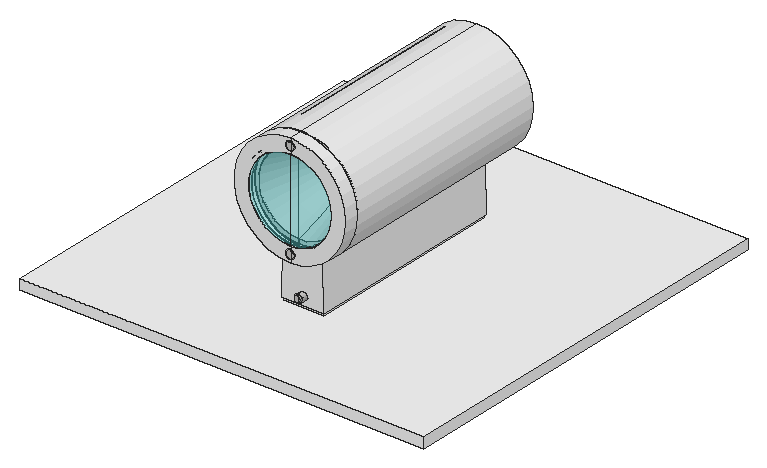
Revit family "BE_66655_de_DE", category Leuchten, Revit 2015
Parameters (values of type "BEGA_66655_Weiß_K4")
  built-in parameter 1150104 = 13.935 (stored number, unit not read)
  Wattage = 7.9 W
  Default Elevation = 0 mm
  built-in parameter 1150113 = 1 (stored number, unit not read)
  built-in parameter 1114218 = 1 (stored number, unit not read)
  Umgebungstemperatur = "25 °C"
  URL = "http://www.bega.de/produkt/66655"
  Typenkommentare = "© 2017 BEGA. Wir behalten uns das Recht vor, technische Änderungen ohne vorherige Ankündigung vorzunehmen."  # constant formula
  Type Image = 66655.png
  built-in parameter 1150134 = 12
  built-in parameter 1150109 = 1 (stored number, unit not read)
  Strom = ""
  built-in parameter 1150110 = 1 (stored number, unit not read)
  Spannung = 239.996 V
  Sonderanfertigung = no
  Seriennummer [instance] = "Hier können Sie die eindeutige Seriennummer für das Facility Management eintragen."
  Schutzklasse = "I"
  Schutzart = "IP 65"
  Scheinlast = 0 VA
  Produktdatenblatt = "http://www.bega.de/download/Xrfa/db/66655.db.de.pdf"
  Oberflächentemperatur = ""
  Neigungswinkel = 0.00°
  Modell = "66655WK4"
  Material_17 = BEGA_Reflektor
  Material_15 = BEGA_Leuchtmedium_matt
  Material_11 = BEGA_Glas_opal
  Material_09 = BEGA_Glas_klar
  Material_06 = BEGA_Oberfläche_Edelstahl_gebürstet
  Material_03 = BEGA_Oberfläche_Weiss_matt
  Material_02 = BEGA_Oberfläche_Silber_matt
  Material_01 [instance] = BEGA_Oberfläche_Grafit_matt
  M_W = yes
  M_G = no
  M_A = no
  Logo = 0
  built-in parameter 1114217 = 1 (stored number, unit not read)
  built-in parameter 1150139 = (empty or 0)
  built-in parameter 1150105 = 94.299 (stored number, unit not read)
  built-in parameter 1150114 = 1 (stored number, unit not read)
  Lumens = 1185 lm
  built-in parameter 1150115 = 1 (stored number, unit not read)
  Leuchtenlichtstrom = "813 lm"
  Leuchtenanzahl = ""
  Lebensdauerkriterien = "L70 = 50.000 h"
  Lastklassifizierung = Beleuchtung
  built-in parameter 1150112 = 1 (stored number, unit not read)
  Lampenlichtstrom = "1185 lm"
  Lampe = "LED 7.9 W"
  LED_Modulbezeichnung = "LED-0733/840 "
  built-in parameter 1150142 = (empty or 0)
  Hersteller = "BEGA"  # constant formula
  Halbstreuwinkel = ""
  Gewicht = "1.95 kg"
  Gebrauchslageneinschränkung [instance] = ""
  Frequenz = "0/50-60 Hz"
  Farbwiedergabeindex = "Ra > 80"
  Farbtemperaturverschiebung bei Dämpfen der Lampe = <Keine Auswahl>
  Farbtemperatur = "4000 K"
  Color Filter = 16777215
  built-in parameter 1150133 = 10 (stored number, unit not read)
  Energieeffizienzklasse = "LED A++ - A"
  built-in parameter 1150137 = (empty or 0)
  built-in parameter 1150132 = (empty or 0)
  ENEC = ""
  Dimmbar [instance] = "DALI"
  Datei für fotometrisches Netz = "BE_66655K4.IES"
  CE_Konformität = "ja"
  Bestellnummer = "66655WK4"
  Beschreibung_Sonderanfertigung = "Hier können Sie Informationen zur Sonderanfertigung eintragen."
  Beschreibung = "Wandleuchte"
  built-in parameter 1150106 = 0.94299 (stored number, unit not read)
  Befestigungsbohrung = "Ø 5,3 mm"
  Befestigungsabstand = "160 x 14 mm"
  Ballwurfsicher = ""
  BEGA_Intern_aus = yes
  BEGA_Intern_an = yes
  BEGA_Intern_Konstruktion = yes
  BEGA_Intern = yes
  BEGA_IES = yes
  BEGA_Dummy = no
  Anschlussleitung = ""
  Anschlussleistung [instance] = "10 W"
  Anschlusskasten = ""
  built-in parameter 1150107 = 4000 (stored number, unit not read)
  built-in parameter 1150102 = (empty or 0)
  built-in parameter 1150138 = (empty or 0)
  Aktualisierung = "2017-02-22T04:16:27"
  Abstand_zur_angestrahlten_Fläche [instance] = ""
  AC/DC = "AC/DC"
Types (6, lengths in mm): name | built-in parameter 1150104 | built-in parameter 1150134 | Modell | M_W | M_G | M_A | built-in parameter 1150105 | Lumens | Leuchtenlichtstrom | Lampenlichtstrom | LED_Modulbezeichnung | Farbtemperatur | Datei für fotometrisches Netz | Bestellnummer | built-in parameter 1150106 | built-in parameter 1150107
  BEGA_66655_Weiß_K4 | 13.935 (stored number, unit not read) | 12 | "66655WK4" | yes | no | no | 94.299 (stored number, unit not read) | 1185 lm | "813 lm" | "1185 lm" | "LED-0733/840 " | "4000 K" | "BE_66655K4.IES" | "66655WK4" | 0.94299 (stored number, unit not read) | 4000 (stored number, unit not read)
  BEGA_66655_Grafit_K4 | 13.935 (stored number, unit not read) | 12 | "66655K4" | no | yes | no | 94.299 (stored number, unit not read) | 1185 lm | "813 lm" | "1185 lm" | "LED-0733/840 " | "4000 K" | "BE_66655K4.IES" | "66655K4" | 0.94299 (stored number, unit not read) | 4000 (stored number, unit not read)
  BEGA_66655_Silber_K4 | 13.935 (stored number, unit not read) | 12 | "66655AK4" | no | no | yes | 94.299 (stored number, unit not read) | 1185 lm | "813 lm" | "1185 lm" | "LED-0733/840 " | "4000 K" | "BE_66655K4.IES" | "66655AK4" | 0.94299 (stored number, unit not read) | 4000 (stored number, unit not read)
  BEGA_66655_Silber_K3 | 13.229 (stored number, unit not read) | (empty or 0) | "66655A" | no | no | yes | 89.521 (stored number, unit not read) | 1124.96 lm | "772 lm" | "1125 lm" | "LED-0733/830 " | "3000 K" | "BE_66655.IES" | "66655A" | 0.89521 (stored number, unit not read) | 3000 (stored number, unit not read)
  BEGA_66655_Weiß_K3 | 13.229 (stored number, unit not read) | (empty or 0) | "66655W" | yes | no | no | 89.521 (stored number, unit not read) | 1124.96 lm | "772 lm" | "1125 lm" | "LED-0733/830 " | "3000 K" | "BE_66655.IES" | "66655W" | 0.89521 (stored number, unit not read) | 3000 (stored number, unit not read)
  BEGA_66655_Grafit_K3 | 13.229 (stored number, unit not read) | (empty or 0) | "66655" | no | yes | no | 89.521 (stored number, unit not read) | 1124.96 lm | "772 lm" | "1125 lm" | "LED-0733/830 " | "3000 K" | "BE_66655.IES" | "66655" | 0.89521 (stored number, unit not read) | 3000 (stored number, unit not read)
Reference planes
  plane 1 "Mitte (Vorne/Hinten)": y = 0
  plane 2: z = 0
  plane 3 "Mitte (Links/Rechts)": x = 0
  plane 4 "Links": x = -55.254
  plane 5 "Rechts": x = 55.254
  plane 6 "Unten": y = -115.5
  plane 7 "Oben": y = 115.5
  plane 8 "Vorne": z = 157.75
  plane 9 "Hinten": z = 0
Forms (mm)
  Extrusion 1, solid, material "BEGA_Platte_Weiss"
    sketch origin (0, -1119.2, 0) x (1, 0, 0) y (0, 1, 0)
      loop
        line (-200, 1319.2) -> (-200, 919.2) -> (200, 919.2) -> (200, 1319.2) -> (-200, 1319.2)
    from 0 to -10
  Extrusion 2, solid, material "BEGA_Dummy_matt", visible <- "BEGA_Dummy"
    sketch origin (80.095, -76.023, 0) x (1, 0, 0) y (0, 1, 0)
      loop
        line (-135.35, 191.523) -> (-135.35, -39.477) -> (-24.841, -39.477) -> (-24.841, 191.523) -> (-135.35, 191.523)
    from 0 to 157.75
Dimensions and locks
  plane 1 "Mitte (Vorne/Hinten)" to Extrusion 1 = 200 mm
  aligned and locked: plane 2 to Extrusion 1
  aligned and locked: level to Extrusion 1
Nested families
  nested 1: "BE_66655" at (0, 0, 0) x (0, 1, 0) z (0, 0, 1), type "BE_66655"
Connectors
  electrical at (0, 0, 0), driven by "Lastklassifizierung", driven by "Spannung", driven by "Scheinlast"
    settings: index 1, voltage 239.996 V, apparent load 0 VA, apparent load phase1 0 VA, apparent load phase2 0 VA, apparent load phase3 0 VA, power factor 1, load classification "Beleuchtung", number of poles 1, system type 31, power factor state 1, is connector primary yes, connector utility no, sub classification motor no, connector description ""
Definition of nested family "BE_66655"
  Parameters (values of type "BE_66655")
    Default Elevation = 1 mm
    URL = "http://www.bega.de/de/produkt"
    Type Comments = "© 2015 BEGA. Wir behalten uns das Recht vor, technische Änderungen ohne vorherige Ankündigung vorzunehmen. "  # constant formula
    Type Image = (empty or 0)
    Material_17 = none
    Material_15 = none
    Material_11 = none
    Material_09 = none
    Material_06 = none
    Material_03 = none
    Material_02 = none
    Material_01 = none
    M_W = yes
    M_G = yes
    M_A = yes
    Länge_Platte = 300 mm  # constant formula
    Höhe_Platte = -10 mm  # constant formula
    Manufacturer = "BEGA"  # constant formula
    Breite_Platte = 200 mm  # constant formula
  Reference planes
    plane 1 "Mitte (Oben/Unten)": y = 0
    plane 2: z = 0
    plane 3 "Mitte (Links/Rechts)": x = 0
    plane 4 "Unten": y = -55.254
    plane 5: x = -115.5
    plane 6: x = 115.5
    plane 7: z = 157.75
    plane 8: y = 55.254
  Forms (mm)
    Extrusion 1, solid, detail levels medium
      sketch origin (0, 0, 0) x (1, 0, 0) y (0, 1, 0)
        loop
          line (-150, 100) -> (-150, -100) -> (150, -100) -> (150, 100) -> (-150, 100)
      from 0 to -10 <- "Höhe_Platte"
    Extrusion 2, solid, material <- "Material_01", visible <- "M_G", detail levels medium+fine
      sketch origin (0, 0, 0) x (0, 1, 0) y (0, 0, 1)
        loop
          line (-20, 48.5) -> (-20.803, 2.5) -> (-13.08, 2.5) -> (-13.221, 47.282)
          arc (-13.221, 47.282) -> (-15.2, 48.652) -> (-17.039, 50.206) r 25
          arc (-17.039, 50.206) -> (-17.509, 50.362) -> (-17.979, 50.521) r 55
          line (-17.979, 50.521) -> (-20, 48.5)
        loop
          line (20, 48.5) -> (17.979, 50.521)
          arc (17.979, 50.521) -> (17.509, 50.362) -> (17.039, 50.206) r 55
          arc (17.039, 50.206) -> (15.2, 48.652) -> (13.221, 47.282) r 25
          line (13.221, 47.282) -> (13.08, 2.5) -> (20.803, 2.5) -> (20, 48.5)
      from -100.001 to 100.024
    Extrusion 3, solid, material <- "Material_01", visible <- "M_G", detail levels medium+fine
      sketch origin (0, 0, 0) x (0, 1, 0) y (0, 0, 1)
        loop
          line (20.803, 2.5) -> (20, 48.5) -> (17.979, 50.521)
          arc (17.979, 50.521) -> (17.509, 50.362) -> (17.039, 50.206) r 55
          arc (17.039, 50.206) -> (9.34, 45.31) -> (0.397, 43.503) r 25
          arc (0.397, 43.503) -> (-8.971, 45.165) -> (-17.039, 50.206) r 25
          arc (-17.039, 50.206) -> (-17.509, 50.362) -> (-17.979, 50.521) r 55
          line (-17.979, 50.521) -> (-20, 48.5) -> (-20.803, 2.5) -> (20.803, 2.5)
      from 93.25 to 100.024
    Extrusion 4, solid, material <- "Material_01", visible <- "M_G", detail levels medium+fine
      sketch origin (0, 0, 0) x (0, 1, 0) y (0, 0, -1)
        loop
          line (20.803, -2.5) -> (-20.803, -2.5) -> (-20, -48.5) -> (-17.979, -50.521)
          arc (-17.979, -50.521) -> (-17.509, -50.362) -> (-17.039, -50.206) r 55
          arc (-17.039, -50.206) -> (-8.971, -45.165) -> (0.397, -43.503) r 25
          arc (0.397, -43.503) -> (9.34, -45.31) -> (17.039, -50.206) r 25
          arc (17.039, -50.206) -> (17.509, -50.362) -> (17.979, -50.521) r 55
          line (17.979, -50.521) -> (20, -48.5) -> (20.803, -2.5)
      from 93.25 to 100.001
    Sweep 5, solid, material <- "Material_01", visible <- "M_G", detail levels medium+fine
      path origin (0, 0, 0) x (1, 0, 0) y (0, 1, 0)
        loop
          line (100.024, -20.803) -> (100.024, 20.803) -> (-100.001, 20.803) -> (-100.001, -20.803) -> (100.024, -20.803)
      profile origin (100.024, 0, 0) x (-1, 0, 0) y (0, 0, 1)
        loop
          line (1.112, 2.5) -> (1.024, 0) -> (7.769, 0)
          arc (7.769, 0) -> (8.117, 5.75) -> (8.45, 11.5) r 2295.912
          line (8.45, 11.5) -> (12.295, 11.5) -> (12.295, 13.5) -> (6.407, 13.5) -> (6.022, 2.5) -> (1.112, 2.5)
    Extrusion 6, solid, material <- "Material_01", visible <- "M_G", detail levels medium+fine
      sketch origin (0, 0, 0) x (1, 0, 0) y (0, 1, 0)
        loop
          line (-87.706, 8.508) -> (-87.706, -8.508) -> (87.729, -8.508) -> (87.729, 8.508) -> (-87.706, 8.508)
      from 11.5 to 13.5
    Revolve 7, solid, material <- "Material_01", visible <- "M_G", detail levels medium+fine
      sketch origin (0, 0, 0) x (1, 0, 0) y (0, 0, 1)
        loop
          line (115.5, 157.5) -> (-101, 157.5) -> (-101, 155.25) -> (-104.543, 155.25) -> (-104.543, 142.724) -> (-101, 142.724) -> (-101, 145.035) -> (-92, 145.035) -> (-82.035, 155) -> (113.5, 155) -> (113.5, 102.5) -> (115.5, 102.5) -> (115.5, 157.5)
        axis (-104.543, 102.5) -> (115.5, 102.5)
      angle from 0 to 360
    Revolve 8, solid, material <- "Material_01", visible <- "M_G", detail levels medium+fine
      sketch origin (0, 0, 0) x (1, 0, 0) y (0, 0, 1)
        loop
          line (-102.5, 157.75) -> (-115.5, 157.75) -> (-115.5, 143.5) -> (-112.937, 143.5) -> (-112.937, 147.501) -> (-104.543, 147.501) -> (-104.543, 155.75) -> (-102.5, 155.75) -> (-102.5, 157.75)
        axis (-102.5, 102.5) -> (-115.5, 102.5)
      angle from 0 to 360
    Revolve 9, solid, material <- "Material_09", detail levels medium+fine
      sketch origin (0, 0, 0) x (1, 0, 0) y (0, 0, 1)
        loop
          line (-105.5, 145.75) -> (-111.25, 145.75) -> (-111.25, 144.2)
          arc (-111.25, 144.2) -> (-111.543, 143.493) -> (-112.25, 143.2) r 1
          line (-112.25, 143.2) -> (-115.5, 143.2) -> (-115.5, 102.5) -> (-105.5, 102.5) -> (-105.5, 145.75)
        axis (-115.5, 102.5) -> (-105.5, 102.5)
      angle from 0 to 360
    Revolve 10, solid, material <- "Material_17", detail levels medium+fine
      sketch origin (0, 0, 0) x (1, 0, 0) y (0, 0, 1)
        loop
          arc (-105.25, 141.49) -> (-79.924, 133.541) -> (-55.596, 122.92) r 246.943
          arc (-55.596, 122.92) -> (-50.393, 119.996) -> (-45.484, 116.601) r 64.148
          line (-45.484, 116.601) -> (-44.906, 110) -> (-44.022, 110) -> (-44.623, 116.869)
          arc (-44.623, 116.869) -> (-49.595, 120.322) -> (-54.871, 123.292) r 64.148
          arc (-54.871, 123.292) -> (-79.017, 133.845) -> (-104.149, 141.765) r 246.943
          line (-104.149, 141.765) -> (-104.149, 145.25) -> (-105.25, 145.25) -> (-105.25, 141.49)
        axis (-44.022, 102.5) -> (-105.25, 102.5)
      angle from 0 to 360
    Revolve 11, solid, material <- "Material_15", detail levels medium+fine
      sketch origin (0, 0, 0) x (1, 0, 0) y (0, 0, 1)
        loop
          line (-41.65, 109.6) -> (-41.65, 102.5) -> (-40.358, 102.5) -> (-40.358, 109.6) -> (-41.65, 109.6)
        axis (-41.65, 102.5) -> (-40.358, 102.5)
      angle from 0 to 360
    Revolve 12, solid, material <- "Material_06", detail levels fine
      sketch origin (0, 0, 0) x (1, 0, 0) y (0, 0, 1)
        loop
          line (-98.664, 14.95) -> (-105.231, 14.95) -> (-105.231, 14) -> (-106.731, 14) -> (-106.731, 11) -> (-98.664, 11) -> (-98.664, 14.95)
        axis (-106.731, 11) -> (-98.664, 11)
      angle from 0 to 360
    Sweep 13, solid, material <- "Material_02", visible <- "M_A", detail levels medium+fine
      path origin (0, 0, 0) x (1, 0, 0) y (0, 1, 0)
        loop
          line (100.024, -20.803) -> (100.024, 20.803) -> (-100.001, 20.803) -> (-100.001, -20.803) -> (100.024, -20.803)
      profile origin (100.024, 0, 0) x (-1, 0, 0) y (0, 0, 1)
        loop
          line (1.112, 2.5) -> (1.024, 0) -> (7.769, 0)
          arc (7.769, 0) -> (8.117, 5.75) -> (8.45, 11.5) r 2295.912
          line (8.45, 11.5) -> (12.295, 11.5) -> (12.295, 13.5) -> (6.407, 13.5) -> (6.022, 2.5) -> (1.112, 2.5)
    Extrusion 14, solid, material <- "Material_02", visible <- "M_A", detail levels medium+fine
      sketch origin (0, 0, 0) x (1, 0, 0) y (0, 1, 0)
        loop
          line (-87.706, 8.508) -> (-87.706, -8.508) -> (87.729, -8.508) -> (87.729, 8.508) -> (-87.706, 8.508)
      from 11.5 to 13.5
    Sweep 15, solid, material <- "Material_03", visible <- "M_W", detail levels medium+fine
      path origin (0, 0, 0) x (1, 0, 0) y (0, 1, 0)
        loop
          line (100.024, -20.803) -> (100.024, 20.803) -> (-100.001, 20.803) -> (-100.001, -20.803) -> (100.024, -20.803)
      profile origin (100.024, 0, 0) x (-1, 0, 0) y (0, 0, 1)
        loop
          line (1.112, 2.5) -> (1.024, 0) -> (7.769, 0)
          arc (7.769, 0) -> (8.117, 5.75) -> (8.45, 11.5) r 2295.912
          line (8.45, 11.5) -> (12.295, 11.5) -> (12.295, 13.5) -> (6.407, 13.5) -> (6.022, 2.5) -> (1.112, 2.5)
    Extrusion 16, solid, material <- "Material_03", visible <- "M_W", detail levels medium+fine
      sketch origin (0, 0, 0) x (1, 0, 0) y (0, 1, 0)
        loop
          line (-87.706, 8.508) -> (-87.706, -8.508) -> (87.729, -8.508) -> (87.729, 8.508) -> (-87.706, 8.508)
      from 11.5 to 13.5
    Extrusion 17, solid, material <- "Material_02", visible <- "M_A", detail levels medium+fine
      sketch origin (0, 0, 0) x (0, 1, 0) y (0, 0, 1)
        loop
          line (-20, 48.5) -> (-20.803, 2.5) -> (-13.08, 2.5) -> (-13.221, 47.282)
          arc (-13.221, 47.282) -> (-15.2, 48.652) -> (-17.039, 50.206) r 25
          arc (-17.039, 50.206) -> (-17.509, 50.362) -> (-17.979, 50.521) r 55
          line (-17.979, 50.521) -> (-20, 48.5)
        loop
          line (20, 48.5) -> (17.979, 50.521)
          arc (17.979, 50.521) -> (17.509, 50.362) -> (17.039, 50.206) r 55
          arc (17.039, 50.206) -> (15.2, 48.652) -> (13.221, 47.282) r 25
          line (13.221, 47.282) -> (13.08, 2.5) -> (20.803, 2.5) -> (20, 48.5)
      from -100.001 to 100.024
    Extrusion 18, solid, material <- "Material_02", visible <- "M_A", detail levels medium+fine
      sketch origin (0, 0, 0) x (0, 1, 0) y (0, 0, 1)
        loop
          line (20.803, 2.5) -> (20, 48.5) -> (17.979, 50.521)
          arc (17.979, 50.521) -> (17.509, 50.362) -> (17.039, 50.206) r 55
          arc (17.039, 50.206) -> (9.34, 45.31) -> (0.397, 43.503) r 25
          arc (0.397, 43.503) -> (-8.971, 45.165) -> (-17.039, 50.206) r 25
          arc (-17.039, 50.206) -> (-17.509, 50.362) -> (-17.979, 50.521) r 55
          line (-17.979, 50.521) -> (-20, 48.5) -> (-20.803, 2.5) -> (20.803, 2.5)
      from 93.25 to 100.024
    Extrusion 19, solid, material <- "Material_02", visible <- "M_A", detail levels medium+fine
      sketch origin (0, 0, 0) x (0, 1, 0) y (0, 0, -1)
        loop
          line (20.803, -2.5) -> (-20.803, -2.5) -> (-20, -48.5) -> (-17.979, -50.521)
          arc (-17.979, -50.521) -> (-17.509, -50.362) -> (-17.039, -50.206) r 55
          arc (-17.039, -50.206) -> (-8.971, -45.165) -> (0.397, -43.503) r 25
          arc (0.397, -43.503) -> (9.34, -45.31) -> (17.039, -50.206) r 25
          arc (17.039, -50.206) -> (17.509, -50.362) -> (17.979, -50.521) r 55
          line (17.979, -50.521) -> (20, -48.5) -> (20.803, -2.5)
      from 93.25 to 100.001
    Extrusion 20, solid, material <- "Material_03", visible <- "M_W", detail levels medium+fine
      sketch origin (0, 0, 0) x (0, 1, 0) y (0, 0, 1)
        loop
          line (-20, 48.5) -> (-20.803, 2.5) -> (-13.08, 2.5) -> (-13.221, 47.282)
          arc (-13.221, 47.282) -> (-15.2, 48.652) -> (-17.039, 50.206) r 25
          arc (-17.039, 50.206) -> (-17.509, 50.362) -> (-17.979, 50.521) r 55
          line (-17.979, 50.521) -> (-20, 48.5)
        loop
          line (20, 48.5) -> (17.979, 50.521)
          arc (17.979, 50.521) -> (17.509, 50.362) -> (17.039, 50.206) r 55
          arc (17.039, 50.206) -> (15.2, 48.652) -> (13.221, 47.282) r 25
          line (13.221, 47.282) -> (13.08, 2.5) -> (20.803, 2.5) -> (20, 48.5)
      from -100.001 to 100.024
    Extrusion 21, solid, material <- "Material_03", visible <- "M_W", detail levels medium+fine
      sketch origin (0, 0, 0) x (0, 1, 0) y (0, 0, 1)
        loop
          line (20.803, 2.5) -> (20, 48.5) -> (17.979, 50.521)
          arc (17.979, 50.521) -> (17.509, 50.362) -> (17.039, 50.206) r 55
          arc (17.039, 50.206) -> (9.34, 45.31) -> (0.397, 43.503) r 25
          arc (0.397, 43.503) -> (-8.971, 45.165) -> (-17.039, 50.206) r 25
          arc (-17.039, 50.206) -> (-17.509, 50.362) -> (-17.979, 50.521) r 55
          line (-17.979, 50.521) -> (-20, 48.5) -> (-20.803, 2.5) -> (20.803, 2.5)
      from 93.25 to 100.024
    Extrusion 22, solid, material <- "Material_03", visible <- "M_W", detail levels medium+fine
      sketch origin (0, 0, 0) x (0, 1, 0) y (0, 0, -1)
        loop
          line (20.803, -2.5) -> (-20.803, -2.5) -> (-20, -48.5) -> (-17.979, -50.521)
          arc (-17.979, -50.521) -> (-17.509, -50.362) -> (-17.039, -50.206) r 55
          arc (-17.039, -50.206) -> (-8.971, -45.165) -> (0.397, -43.503) r 25
          arc (0.397, -43.503) -> (9.34, -45.31) -> (17.039, -50.206) r 25
          arc (17.039, -50.206) -> (17.509, -50.362) -> (17.979, -50.521) r 55
          line (17.979, -50.521) -> (20, -48.5) -> (20.803, -2.5)
      from 93.25 to 100.001
    Revolve 23, solid, material <- "Material_02", visible <- "M_A", detail levels medium+fine
      sketch origin (0, 0, 0) x (1, 0, 0) y (0, 0, 1)
        loop
          line (115.5, 157.5) -> (-101, 157.5) -> (-101, 155.25) -> (-104.543, 155.25) -> (-104.543, 142.724) -> (-101, 142.724) -> (-101, 145.035) -> (-92, 145.035) -> (-82.035, 155) -> (113.5, 155) -> (113.5, 102.5) -> (115.5, 102.5) -> (115.5, 157.5)
        axis (-104.543, 102.5) -> (115.5, 102.5)
      angle from 0 to 360
    Revolve 24, solid, material <- "Material_02", visible <- "M_A", detail levels medium+fine
      sketch origin (0, 0, 0) x (1, 0, 0) y (0, 0, 1)
        loop
          line (-102.5, 157.75) -> (-115.5, 157.75) -> (-115.5, 143.5) -> (-112.937, 143.5) -> (-112.937, 147.501) -> (-104.543, 147.501) -> (-104.543, 155.75) -> (-102.5, 155.75) -> (-102.5, 157.75)
        axis (-102.5, 102.5) -> (-115.5, 102.5)
      angle from 0 to 360
    Revolve 25, solid, material <- "Material_03", visible <- "M_W", detail levels medium+fine
      sketch origin (0, 0, 0) x (1, 0, 0) y (0, 0, 1)
        loop
          line (115.5, 157.5) -> (-101, 157.5) -> (-101, 155.25) -> (-104.543, 155.25) -> (-104.543, 142.724) -> (-101, 142.724) -> (-101, 145.035) -> (-92, 145.035) -> (-82.035, 155) -> (113.5, 155) -> (113.5, 102.5) -> (115.5, 102.5) -> (115.5, 157.5)
        axis (-104.543, 102.5) -> (115.5, 102.5)
      angle from 0 to 360
    Revolve 26, solid, material <- "Material_03", visible <- "M_W", detail levels medium+fine
      sketch origin (0, 0, 0) x (1, 0, 0) y (0, 0, 1)
        loop
          line (-102.5, 157.75) -> (-115.5, 157.75) -> (-115.5, 143.5) -> (-112.937, 143.5) -> (-112.937, 147.501) -> (-104.543, 147.501) -> (-104.543, 155.75) -> (-102.5, 155.75) -> (-102.5, 157.75)
        axis (-102.5, 102.5) -> (-115.5, 102.5)
      angle from 0 to 360
    Revolve 27, void
      sketch origin (0, 0, 0) x (1, 0, 0) y (0, 0, 1)
        loop
          line (-113.129, 152.704) -> (-115.728, 155.303) -> (-115.728, 150.5) -> (-113.129, 150.5) -> (-113.129, 152.704)
        axis (-115.728, 150.5) -> (-113.129, 150.5)
      angle from 0 to 360
    Revolve 28, void
      sketch origin (0, 0, 205) x (1, 0, 0) y (0, 0, -1)
        loop
          line (-113.129, 152.704) -> (-115.728, 155.303) -> (-115.728, 150.5) -> (-113.129, 150.5) -> (-113.129, 152.704)
        axis (-115.728, 150.5) -> (-113.129, 150.5)
      angle from 0 to 360
    Revolve 29, solid, material <- "Material_06", detail levels fine
      sketch origin (0, 0, 0) x (1, 0, 0) y (0, 0, 1)
        loop
          line (-115.5, 154.505) -> (-115.5, 150.5) -> (-114.643, 150.5) -> (-114.643, 154.505) -> (-115.5, 154.505)
        axis (-115.5, 150.5) -> (-114.5, 150.5)
      angle from 0 to 360
    Revolve 30, solid, material <- "Material_06", detail levels fine
      sketch origin (0, 0, 205) x (1, 0, 0) y (0, 0, -1)
        loop
          line (-115.5, 154.505) -> (-115.5, 150.5) -> (-114.643, 150.5) -> (-114.643, 154.505) -> (-115.5, 154.505)
        axis (-115.5, 150.5) -> (-114.5, 150.5)
      angle from 0 to 360
    Extrusion 31, void
      sketch origin (0, 0, 0) x (1, 0, 0) y (0, 1, 0)
        loop
          circle (-80, 7) r 2.65
        loop
          circle (80, -7) r 2.65
        loop
          circle (24, 0) r 8.5
        loop
          circle (57, 0) r 8.5
      from 0 to 17
  Cuts and joins
    joined: Extrusion 2, Extrusion 3, Extrusion 4
    Extrusion 31 cuts Sweep 5
    Extrusion 31 cuts Extrusion 6
    joined: Sweep 5, Extrusion 6
    Extrusion 31 cuts Sweep 13
    Extrusion 31 cuts Extrusion 14
    joined: Sweep 13, Extrusion 14
    Extrusion 31 cuts Sweep 15
    Extrusion 31 cuts Extrusion 16
    joined: Sweep 15, Extrusion 16
    joined: Extrusion 17, Extrusion 18, Extrusion 19
    joined: Extrusion 20, Extrusion 21, Extrusion 22
    Revolve 27, Revolve 28 cuts Revolve 8
    Revolve 27, Revolve 28 cuts Revolve 24
    Revolve 27, Revolve 28 cuts Revolve 26
    Extrusion 31 cuts Revolve 7
    Extrusion 31 cuts Revolve 10
    Extrusion 31 cuts Revolve 23
    Extrusion 31 cuts Revolve 25
  Dimensions and locks
    equal spacing: Extrusion 1 sketch curve, plane 3 "Mitte (Links/Rechts)", Extrusion 1 sketch curve
    equal spacing: Extrusion 1 sketch curve, plane 1 "Mitte (Oben/Unten)", Extrusion 1 sketch curve
    "Länge_Platte": Extrusion 1 sketch curve to Extrusion 1 sketch curve
    "Breite_Platte": Extrusion 1 sketch curve to Extrusion 1 sketch curve
    aligned and locked: Extrusion 1 to plane 2
    aligned and locked: level to Extrusion 1
  Automatic sketch dimensions
    Extrusion 2 sketch curve to Extrusion 2 sketch curve = 0 mm  (x5)
    Extrusion 2 sketch curve to plane 1 "Mitte (Oben/Unten)" = 0 mm  (x2)
    level to Extrusion 2 sketch curve = 2.5 mm  (x2)
    plane 1 "Mitte (Oben/Unten)" to Extrusion 2 sketch curve = 13.08 mm
    plane 1 "Mitte (Oben/Unten)" to Extrusion 2 sketch curve = 13.221 mm
    Extrusion 2 sketch curve to Extrusion 2 sketch curve = 4.758 mm  (x2)
    Extrusion 2 sketch curve to Extrusion 2 sketch curve = 2.021 mm  (x4)
    Extrusion 2 sketch curve to Extrusion 2 sketch curve = 7.723 mm  (x2)
    Extrusion 2 sketch curve to plane 1 "Mitte (Oben/Unten)" = 13.08 mm
    Extrusion 2 sketch curve to plane 1 "Mitte (Oben/Unten)" = 13.221 mm
    Extrusion 2 sketch curve to Extrusion 2 sketch curve = 44.782 mm
    Extrusion 2 sketch curve to Extrusion 2 sketch curve = 1.218 mm  (x2)
    Extrusion 2 sketch curve to Extrusion 2 sketch curve = 21.218 mm
    Extrusion 2 sketch curve to Extrusion 2 sketch curve = 34 mm
    Extrusion 3 sketch curve to Extrusion 3 sketch curve = 0 mm  (x5)
    Extrusion 3 sketch curve to plane 1 "Mitte (Oben/Unten)" = 0 mm  (x2)
    plane 1 "Mitte (Oben/Unten)" to Extrusion 3 sketch curve = 17.979 mm
    Extrusion 3 sketch curve to Extrusion 3 sketch curve = 2.021 mm  (x4)
    level to Extrusion 3 sketch curve = 2.5 mm
    plane 1 "Mitte (Oben/Unten)" to Extrusion 3 sketch curve = 20.803 mm
    Extrusion 3 sketch curve to plane 1 "Mitte (Oben/Unten)" = 17.979 mm
    Extrusion 3 sketch curve to plane 1 "Mitte (Oben/Unten)" = 20.803 mm
    Extrusion 3 sketch curve to Extrusion 3 sketch curve = 46 mm
    Extrusion 3 sketch curve to Extrusion 3 sketch curve = 17.979 mm
    Extrusion 3 sketch curve to Extrusion 3 sketch curve = 34 mm
    Extrusion 3 sketch curve to Extrusion 3 sketch curve = 0.94 mm
    Extrusion 3 sketch curve to plane 1 "Mitte (Oben/Unten)" = 0.397 mm
    Extrusion 4 sketch curve to Extrusion 4 sketch curve = 0 mm  (x5)
    Extrusion 4 sketch curve to plane 1 "Mitte (Oben/Unten)" = 0 mm  (x2)
    plane 1 "Mitte (Oben/Unten)" to Extrusion 4 sketch curve = 17.979 mm
    Extrusion 4 sketch curve to Extrusion 4 sketch curve = 2.021 mm  (x4)
    level to Extrusion 4 sketch curve = 2.5 mm
    plane 1 "Mitte (Oben/Unten)" to Extrusion 4 sketch curve = 20.803 mm
    Extrusion 4 sketch curve to plane 1 "Mitte (Oben/Unten)" = 17.979 mm
    Extrusion 4 sketch curve to plane 1 "Mitte (Oben/Unten)" = 20.803 mm
    Extrusion 4 sketch curve to Extrusion 4 sketch curve = 46 mm
    Extrusion 4 sketch curve to Extrusion 4 sketch curve = 17.979 mm
    Extrusion 4 sketch curve to Extrusion 4 sketch curve = 34 mm
    Extrusion 4 sketch curve to Extrusion 4 sketch curve = 0.94 mm
    Extrusion 4 sketch curve to plane 1 "Mitte (Oben/Unten)" = 0.397 mm
    Sweep 5 sketch curve to plane 1 "Mitte (Oben/Unten)" = 20.803 mm
    plane 1 "Mitte (Oben/Unten)" to Sweep 5 sketch curve = 20.803 mm
    Sweep 5 sketch curve to level = 0 mm
    level to Sweep 5 sketch curve = 141.39 mm
    profile plane to Sweep 5 sketch curve = 2283.785 mm
    Sweep 5 sketch curve to profile plane = 1.024 mm
    Sweep 5 sketch curve to profile plane = 1.112 mm
    level to Sweep 5 sketch curve = 2.5 mm
    Sweep 5 sketch curve to Sweep 5 sketch curve = 4.911 mm
    Sweep 5 sketch curve to profile plane = 6.407 mm
    Sweep 5 sketch curve to Sweep 5 sketch curve = 1.747 mm
    Sweep 5 sketch curve to Sweep 5 sketch curve = 2.043 mm
    Sweep 5 sketch curve to Sweep 5 sketch curve = 3.845 mm
    Sweep 5 sketch curve to Sweep 5 sketch curve = 2 mm
    plane 1 "Mitte (Oben/Unten)" to Extrusion 6 sketch curve = 8.508 mm
    Extrusion 6 sketch curve to plane 3 "Mitte (Links/Rechts)" = 87.706 mm
    plane 3 "Mitte (Links/Rechts)" to Extrusion 6 sketch curve = 87.729 mm
    Extrusion 6 sketch curve to plane 1 "Mitte (Oben/Unten)" = 8.508 mm
    Revolve 7 sketch curve to plane 3 "Mitte (Links/Rechts)" = 0 mm
    Revolve 7 sketch curve to plane 3 "Mitte (Links/Rechts)" = 82.035 mm
    Revolve 7 sketch curve to Revolve 7 sketch curve = 9.965 mm  (x2)
    Revolve 7 sketch curve to Revolve 7 sketch curve = 9 mm  (x2)
    Revolve 7 sketch curve to Revolve 7 sketch curve = 3.543 mm
    Revolve 7 sketch curve to Revolve 7 sketch curve = 2 mm
    Revolve 7 sketch curve to Revolve 7 sketch curve = 2.311 mm
    Revolve 7 sketch curve to Revolve 7 sketch curve = 10.215 mm
    Revolve 7 sketch curve to Revolve 7 sketch curve = 2.5 mm
    plane 3 "Mitte (Links/Rechts)" to Revolve 7 sketch curve = 30 mm
    Revolve 7 sketch curve to Revolve 7 sketch curve = 52.5 mm
    Revolve 8 sketch curve to Revolve 8 sketch curve = 2.563 mm
    Revolve 8 sketch curve to Revolve 8 sketch curve = 10.957 mm
    Revolve 8 sketch curve to Revolve 8 sketch curve = 2.043 mm
    Revolve 8 sketch curve to Revolve 8 sketch curve = 4.001 mm
    Revolve 8 sketch curve to Revolve 8 sketch curve = 8.249 mm
    Revolve 8 sketch curve to Revolve 8 sketch curve = 10.249 mm
    Revolve 8 sketch curve to Revolve 8 sketch curve = 1.576 mm
    Revolve 8 sketch curve to Revolve 8 sketch curve = 22.907 mm
    Revolve 8 sketch curve to Revolve 8 sketch curve = 41 mm
    Revolve 9 sketch curve to Revolve 9 sketch curve = 3.25 mm
    Revolve 9 sketch curve to Revolve 9 sketch curve = 1 mm
    Revolve 9 sketch curve to Revolve 9 sketch curve = 10 mm
    Revolve 9 sketch curve to Revolve 9 sketch curve = 40.7 mm
    Revolve 9 sketch curve to Revolve 9 sketch curve = 1.55 mm
    Revolve 9 sketch curve to Revolve 9 sketch curve = 0 mm  (x3)
    Revolve 10 sketch curve to Revolve 10 sketch curve = 0.725 mm  (x2)
    Revolve 10 sketch curve to Revolve 10 sketch curve = 1.101 mm
    Revolve 10 sketch curve to Revolve 10 sketch curve = 19.763 mm
    Revolve 10 sketch curve to plane 3 "Mitte (Links/Rechts)" = 45.484 mm
    Revolve 10 sketch curve to Revolve 10 sketch curve = 0.577 mm
    Revolve 10 sketch curve to Revolve 10 sketch curve = 0.861 mm
    Revolve 10 sketch curve to Revolve 10 sketch curve = 0.884 mm
    Revolve 10 sketch curve to Revolve 10 sketch curve = 0.371 mm  (x2)
    level to Revolve 10 sketch curve = 65.596 mm
    Revolve 10 sketch curve to Revolve 10 sketch curve = 44.033 mm
    Revolve 10 sketch curve to Revolve 10 sketch curve = 6.601 mm
    Revolve 10 sketch curve to Revolve 10 sketch curve = 0.268 mm
    Revolve 10 sketch curve to Revolve 10 sketch curve = 18.57 mm
    Revolve 10 sketch curve to Revolve 10 sketch curve = 0.275 mm
    Revolve 10 sketch curve to Revolve 10 sketch curve = 3.485 mm
    Revolve 10 sketch curve to Revolve 10 sketch curve = 13.637 mm
    Revolve 10 sketch curve to Revolve 10 sketch curve = 1.812 mm
    Revolve 10 sketch curve to Revolve 10 sketch curve = 38.99 mm
    Revolve 11 sketch curve to plane 3 "Mitte (Links/Rechts)" = 41.65 mm
    Revolve 11 sketch curve to Revolve 11 sketch curve = 1.292 mm
    Revolve 11 sketch curve to Revolve 11 sketch curve = 7.1 mm
    Revolve 11 sketch curve to Revolve 11 sketch curve = 0 mm  (x2)
    Revolve 11 sketch curve to Revolve 11 sketch curve = 0.882 mm
    level to Revolve 12 sketch curve = 14 mm
    Revolve 12 sketch curve to Revolve 12 sketch curve = 1.5 mm
    Revolve 12 sketch curve to Revolve 12 sketch curve = 6.567 mm
    Revolve 12 sketch curve to Revolve 12 sketch curve = 3 mm
    Revolve 12 sketch curve to Revolve 12 sketch curve = 0.95 mm
    Revolve 12 sketch curve to Revolve 12 sketch curve = 0 mm  (x3)
    Sweep 13 sketch curve to plane 1 "Mitte (Oben/Unten)" = 20.803 mm
    plane 1 "Mitte (Oben/Unten)" to Sweep 13 sketch curve = 20.803 mm
    Sweep 13 sketch curve to level = 0 mm
    level to Sweep 13 sketch curve = 141.39 mm
    profile plane to Sweep 13 sketch curve = 2283.785 mm
    Sweep 13 sketch curve to profile plane = 1.024 mm
    Sweep 13 sketch curve to profile plane = 1.112 mm
    level to Sweep 13 sketch curve = 2.5 mm
    Sweep 13 sketch curve to Sweep 13 sketch curve = 4.911 mm
    Sweep 13 sketch curve to profile plane = 6.407 mm
    Sweep 13 sketch curve to Sweep 13 sketch curve = 1.747 mm
    Sweep 13 sketch curve to Sweep 13 sketch curve = 2.043 mm
    Sweep 13 sketch curve to Sweep 13 sketch curve = 3.845 mm
    Sweep 13 sketch curve to Sweep 13 sketch curve = 2 mm
    plane 1 "Mitte (Oben/Unten)" to Extrusion 14 sketch curve = 8.508 mm
    Extrusion 14 sketch curve to plane 3 "Mitte (Links/Rechts)" = 87.706 mm
    plane 3 "Mitte (Links/Rechts)" to Extrusion 14 sketch curve = 87.729 mm
    Extrusion 14 sketch curve to plane 1 "Mitte (Oben/Unten)" = 8.508 mm
    Sweep 15 sketch curve to plane 1 "Mitte (Oben/Unten)" = 20.803 mm
    plane 1 "Mitte (Oben/Unten)" to Sweep 15 sketch curve = 20.803 mm
    Sweep 15 sketch curve to level = 0 mm
    level to Sweep 15 sketch curve = 141.39 mm
    profile plane to Sweep 15 sketch curve = 2283.785 mm
    Sweep 15 sketch curve to profile plane = 1.024 mm
    Sweep 15 sketch curve to profile plane = 1.112 mm
    level to Sweep 15 sketch curve = 2.5 mm
    Sweep 15 sketch curve to Sweep 15 sketch curve = 4.911 mm
    Sweep 15 sketch curve to profile plane = 6.407 mm
    Sweep 15 sketch curve to Sweep 15 sketch curve = 1.747 mm
    Sweep 15 sketch curve to Sweep 15 sketch curve = 2.043 mm
    Sweep 15 sketch curve to Sweep 15 sketch curve = 3.845 mm
    Sweep 15 sketch curve to Sweep 15 sketch curve = 2 mm
    plane 1 "Mitte (Oben/Unten)" to Extrusion 16 sketch curve = 8.508 mm
    Extrusion 16 sketch curve to plane 3 "Mitte (Links/Rechts)" = 87.706 mm
    plane 3 "Mitte (Links/Rechts)" to Extrusion 16 sketch curve = 87.729 mm
    Extrusion 16 sketch curve to plane 1 "Mitte (Oben/Unten)" = 8.508 mm
    Extrusion 17 sketch curve to Extrusion 17 sketch curve = 0 mm  (x5)
    Extrusion 17 sketch curve to plane 1 "Mitte (Oben/Unten)" = 0 mm  (x2)
    level to Extrusion 17 sketch curve = 2.5 mm  (x2)
    plane 1 "Mitte (Oben/Unten)" to Extrusion 17 sketch curve = 13.08 mm
    plane 1 "Mitte (Oben/Unten)" to Extrusion 17 sketch curve = 13.221 mm
    Extrusion 17 sketch curve to Extrusion 17 sketch curve = 4.758 mm  (x2)
    Extrusion 17 sketch curve to Extrusion 17 sketch curve = 2.021 mm  (x4)
    Extrusion 17 sketch curve to Extrusion 17 sketch curve = 7.723 mm  (x2)
    Extrusion 17 sketch curve to plane 1 "Mitte (Oben/Unten)" = 13.08 mm
    Extrusion 17 sketch curve to plane 1 "Mitte (Oben/Unten)" = 13.221 mm
    Extrusion 17 sketch curve to Extrusion 17 sketch curve = 44.782 mm
    Extrusion 17 sketch curve to Extrusion 17 sketch curve = 1.218 mm  (x2)
    Extrusion 17 sketch curve to Extrusion 17 sketch curve = 21.218 mm
    Extrusion 17 sketch curve to Extrusion 17 sketch curve = 34 mm
    Extrusion 18 sketch curve to Extrusion 18 sketch curve = 0 mm  (x5)
    Extrusion 18 sketch curve to plane 1 "Mitte (Oben/Unten)" = 0 mm  (x2)
    plane 1 "Mitte (Oben/Unten)" to Extrusion 18 sketch curve = 17.979 mm
    Extrusion 18 sketch curve to Extrusion 18 sketch curve = 2.021 mm  (x4)
    level to Extrusion 18 sketch curve = 2.5 mm
    plane 1 "Mitte (Oben/Unten)" to Extrusion 18 sketch curve = 20.803 mm
    Extrusion 18 sketch curve to plane 1 "Mitte (Oben/Unten)" = 17.979 mm
    Extrusion 18 sketch curve to plane 1 "Mitte (Oben/Unten)" = 20.803 mm
    Extrusion 18 sketch curve to Extrusion 18 sketch curve = 46 mm
    Extrusion 18 sketch curve to Extrusion 18 sketch curve = 17.979 mm
    Extrusion 18 sketch curve to Extrusion 18 sketch curve = 34 mm
    Extrusion 18 sketch curve to Extrusion 18 sketch curve = 0.94 mm
    Extrusion 18 sketch curve to plane 1 "Mitte (Oben/Unten)" = 0.397 mm
    Extrusion 19 sketch curve to Extrusion 19 sketch curve = 0 mm  (x5)
    Extrusion 19 sketch curve to plane 1 "Mitte (Oben/Unten)" = 0 mm  (x2)
    plane 1 "Mitte (Oben/Unten)" to Extrusion 19 sketch curve = 17.979 mm
    Extrusion 19 sketch curve to Extrusion 19 sketch curve = 2.021 mm  (x4)
    level to Extrusion 19 sketch curve = 2.5 mm
    plane 1 "Mitte (Oben/Unten)" to Extrusion 19 sketch curve = 20.803 mm
    Extrusion 19 sketch curve to plane 1 "Mitte (Oben/Unten)" = 17.979 mm
    Extrusion 19 sketch curve to plane 1 "Mitte (Oben/Unten)" = 20.803 mm
    Extrusion 19 sketch curve to Extrusion 19 sketch curve = 46 mm
    Extrusion 19 sketch curve to Extrusion 19 sketch curve = 17.979 mm
    Extrusion 19 sketch curve to Extrusion 19 sketch curve = 34 mm
    Extrusion 19 sketch curve to Extrusion 19 sketch curve = 0.94 mm
    Extrusion 19 sketch curve to plane 1 "Mitte (Oben/Unten)" = 0.397 mm
    Extrusion 20 sketch curve to Extrusion 20 sketch curve = 0 mm  (x5)
    Extrusion 20 sketch curve to plane 1 "Mitte (Oben/Unten)" = 0 mm  (x2)
    level to Extrusion 20 sketch curve = 2.5 mm  (x2)
    plane 1 "Mitte (Oben/Unten)" to Extrusion 20 sketch curve = 13.08 mm
    plane 1 "Mitte (Oben/Unten)" to Extrusion 20 sketch curve = 13.221 mm
    Extrusion 20 sketch curve to Extrusion 20 sketch curve = 4.758 mm  (x2)
    Extrusion 20 sketch curve to Extrusion 20 sketch curve = 2.021 mm  (x4)
    Extrusion 20 sketch curve to Extrusion 20 sketch curve = 7.723 mm  (x2)
    Extrusion 20 sketch curve to plane 1 "Mitte (Oben/Unten)" = 13.08 mm
    Extrusion 20 sketch curve to plane 1 "Mitte (Oben/Unten)" = 13.221 mm
    Extrusion 20 sketch curve to Extrusion 20 sketch curve = 44.782 mm
    Extrusion 20 sketch curve to Extrusion 20 sketch curve = 1.218 mm  (x2)
    Extrusion 20 sketch curve to Extrusion 20 sketch curve = 21.218 mm
    Extrusion 20 sketch curve to Extrusion 20 sketch curve = 34 mm
    Extrusion 21 sketch curve to Extrusion 21 sketch curve = 0 mm  (x5)
    Extrusion 21 sketch curve to plane 1 "Mitte (Oben/Unten)" = 0 mm  (x2)
    plane 1 "Mitte (Oben/Unten)" to Extrusion 21 sketch curve = 17.979 mm
    Extrusion 21 sketch curve to Extrusion 21 sketch curve = 2.021 mm  (x4)
    level to Extrusion 21 sketch curve = 2.5 mm
    plane 1 "Mitte (Oben/Unten)" to Extrusion 21 sketch curve = 20.803 mm
    Extrusion 21 sketch curve to plane 1 "Mitte (Oben/Unten)" = 17.979 mm
    Extrusion 21 sketch curve to plane 1 "Mitte (Oben/Unten)" = 20.803 mm
    Extrusion 21 sketch curve to Extrusion 21 sketch curve = 46 mm
    Extrusion 21 sketch curve to Extrusion 21 sketch curve = 17.979 mm
    Extrusion 21 sketch curve to Extrusion 21 sketch curve = 34 mm
    Extrusion 21 sketch curve to Extrusion 21 sketch curve = 0.94 mm
    Extrusion 21 sketch curve to plane 1 "Mitte (Oben/Unten)" = 0.397 mm
    Extrusion 22 sketch curve to Extrusion 22 sketch curve = 0 mm  (x5)
    Extrusion 22 sketch curve to plane 1 "Mitte (Oben/Unten)" = 0 mm  (x2)
    plane 1 "Mitte (Oben/Unten)" to Extrusion 22 sketch curve = 17.979 mm
    Extrusion 22 sketch curve to Extrusion 22 sketch curve = 2.021 mm  (x4)
    level to Extrusion 22 sketch curve = 2.5 mm
    plane 1 "Mitte (Oben/Unten)" to Extrusion 22 sketch curve = 20.803 mm
    Extrusion 22 sketch curve to plane 1 "Mitte (Oben/Unten)" = 17.979 mm
    Extrusion 22 sketch curve to plane 1 "Mitte (Oben/Unten)" = 20.803 mm
    Extrusion 22 sketch curve to Extrusion 22 sketch curve = 46 mm
    Extrusion 22 sketch curve to Extrusion 22 sketch curve = 17.979 mm
    Extrusion 22 sketch curve to Extrusion 22 sketch curve = 34 mm
    Extrusion 22 sketch curve to Extrusion 22 sketch curve = 0.94 mm
    Extrusion 22 sketch curve to plane 1 "Mitte (Oben/Unten)" = 0.397 mm
    Revolve 23 sketch curve to plane 3 "Mitte (Links/Rechts)" = 0 mm
    Revolve 23 sketch curve to plane 3 "Mitte (Links/Rechts)" = 82.035 mm
    Revolve 23 sketch curve to Revolve 23 sketch curve = 9.965 mm  (x2)
    Revolve 23 sketch curve to Revolve 23 sketch curve = 9 mm  (x2)
    Revolve 23 sketch curve to Revolve 23 sketch curve = 3.543 mm
    Revolve 23 sketch curve to Revolve 23 sketch curve = 2 mm
    Revolve 23 sketch curve to Revolve 23 sketch curve = 2.311 mm
    Revolve 23 sketch curve to Revolve 23 sketch curve = 10.215 mm
    Revolve 23 sketch curve to Revolve 23 sketch curve = 2.5 mm
    plane 3 "Mitte (Links/Rechts)" to Revolve 23 sketch curve = 30 mm
    Revolve 23 sketch curve to Revolve 23 sketch curve = 52.5 mm
    Revolve 24 sketch curve to Revolve 24 sketch curve = 2.563 mm
    Revolve 24 sketch curve to Revolve 24 sketch curve = 10.957 mm
    Revolve 24 sketch curve to Revolve 24 sketch curve = 2.043 mm
    Revolve 24 sketch curve to Revolve 24 sketch curve = 4.001 mm
    Revolve 24 sketch curve to Revolve 24 sketch curve = 8.249 mm
    Revolve 24 sketch curve to Revolve 24 sketch curve = 10.249 mm
    Revolve 24 sketch curve to Revolve 24 sketch curve = 1.576 mm
    Revolve 24 sketch curve to Revolve 24 sketch curve = 22.907 mm
    Revolve 24 sketch curve to Revolve 24 sketch curve = 41 mm
    Revolve 25 sketch curve to plane 3 "Mitte (Links/Rechts)" = 0 mm
    Revolve 25 sketch curve to plane 3 "Mitte (Links/Rechts)" = 82.035 mm
    Revolve 25 sketch curve to Revolve 25 sketch curve = 9.965 mm  (x2)
    Revolve 25 sketch curve to Revolve 25 sketch curve = 9 mm  (x2)
    Revolve 25 sketch curve to Revolve 25 sketch curve = 3.543 mm
    Revolve 25 sketch curve to Revolve 25 sketch curve = 2 mm
    Revolve 25 sketch curve to Revolve 25 sketch curve = 2.311 mm
    Revolve 25 sketch curve to Revolve 25 sketch curve = 10.215 mm
    Revolve 25 sketch curve to Revolve 25 sketch curve = 2.5 mm
    plane 3 "Mitte (Links/Rechts)" to Revolve 25 sketch curve = 30 mm
    Revolve 25 sketch curve to Revolve 25 sketch curve = 52.5 mm
    Revolve 26 sketch curve to Revolve 26 sketch curve = 2.563 mm
    Revolve 26 sketch curve to Revolve 26 sketch curve = 10.957 mm
    Revolve 26 sketch curve to Revolve 26 sketch curve = 2.043 mm
    Revolve 26 sketch curve to Revolve 26 sketch curve = 4.001 mm
    Revolve 26 sketch curve to Revolve 26 sketch curve = 8.249 mm
    Revolve 26 sketch curve to Revolve 26 sketch curve = 10.249 mm
    Revolve 26 sketch curve to Revolve 26 sketch curve = 1.576 mm
    Revolve 26 sketch curve to Revolve 26 sketch curve = 22.907 mm
    Revolve 26 sketch curve to Revolve 26 sketch curve = 41 mm
    Revolve 27 sketch curve to Revolve 27 sketch curve = 2.599 mm  (x2)
    Revolve 27 sketch curve to Revolve 27 sketch curve = 2.204 mm
    Revolve 27 sketch curve to Revolve 27 sketch curve = 0 mm  (x3)
    Revolve 28 sketch curve to Revolve 28 sketch curve = 2.599 mm  (x2)
    Revolve 28 sketch curve to level = 54.5 mm
    Revolve 28 sketch curve to Revolve 28 sketch curve = 2.204 mm
    Revolve 28 sketch curve to Revolve 28 sketch curve = 0 mm  (x3)
    Revolve 29 sketch curve to Revolve 29 sketch curve = 0.857 mm
    Revolve 29 sketch curve to Revolve 29 sketch curve = 4.005 mm
    Revolve 29 sketch curve to Revolve 29 sketch curve = 0.327 mm
    Revolve 29 sketch curve to Revolve 29 sketch curve = 1.064 mm
    Revolve 29 sketch curve to Revolve 29 sketch curve = 0 mm
    Revolve 30 sketch curve to Revolve 30 sketch curve = 0.857 mm
    Revolve 30 sketch curve to level = 54.5 mm
    Revolve 30 sketch curve to Revolve 30 sketch curve = 4.005 mm
    Revolve 30 sketch curve to Revolve 30 sketch curve = 0.327 mm
    Revolve 30 sketch curve to Revolve 30 sketch curve = 1.064 mm
    Revolve 30 sketch curve to Revolve 30 sketch curve = 0 mm
    plane 1 "Mitte (Oben/Unten)" to Extrusion 31 sketch curve = 0 mm  (x2)
    Extrusion 31 sketch curve to plane 1 "Mitte (Oben/Unten)" = 7 mm
    Extrusion 31 sketch curve to plane 3 "Mitte (Links/Rechts)" = 80 mm
    plane 3 "Mitte (Links/Rechts)" to Extrusion 31 sketch curve = 24 mm
    Extrusion 31 sketch curve to Extrusion 31 sketch curve = 33 mm
    plane 1 "Mitte (Oben/Unten)" to Extrusion 31 sketch curve = 7 mm
    Extrusion 31 sketch curve to Extrusion 31 sketch curve = 23 mm
    Sweep 5 sketch curve to plane 3 "Mitte (Links/Rechts)" = 100.001 mm
    Revolve 8 sketch curve to plane 3 "Mitte (Links/Rechts)" = 115.5 mm
    Revolve 9 sketch curve to plane 3 "Mitte (Links/Rechts)" = 115.5 mm
    Revolve 10 sketch curve to Revolve 10 sketch curve = 41.451 mm
    Revolve 10 sketch curve to plane 3 "Mitte (Links/Rechts)" = 165.699 mm
    Revolve 12 sketch curve to plane 3 "Mitte (Links/Rechts)" = 106.731 mm
    Sweep 13 sketch curve to plane 3 "Mitte (Links/Rechts)" = 100.001 mm
    Sweep 15 sketch curve to plane 3 "Mitte (Links/Rechts)" = 100.001 mm
    Revolve 24 sketch curve to plane 3 "Mitte (Links/Rechts)" = 115.5 mm
    Revolve 26 sketch curve to plane 3 "Mitte (Links/Rechts)" = 115.5 mm
    Revolve 27 sketch curve to plane 3 "Mitte (Links/Rechts)" = 115.728 mm
    plane 3 "Mitte (Links/Rechts)" to Revolve 28 sketch curve = 115.728 mm
    Revolve 29 sketch curve to plane 3 "Mitte (Links/Rechts)" = 115.5 mm
    plane 3 "Mitte (Links/Rechts)" to Revolve 30 sketch curve = 115.5 mm
    plane 3 "Mitte (Links/Rechts)" to Sweep 5 sketch curve = 100.024 mm
    Revolve 7 sketch curve to Revolve 7 sketch curve = 83.5 mm
    plane 3 "Mitte (Links/Rechts)" to Sweep 13 sketch curve = 100.024 mm
    plane 3 "Mitte (Links/Rechts)" to Sweep 15 sketch curve = 100.024 mm
    Revolve 23 sketch curve to Revolve 23 sketch curve = 83.5 mm
    Revolve 25 sketch curve to Revolve 25 sketch curve = 83.5 mm
    level to Revolve 7 sketch curve = 102.5 mm
    level to Revolve 7 sketch curve = 142.724 mm
    level to Revolve 8 sketch curve = 143.5 mm
    level to Revolve 9 sketch curve = 102.5 mm
    level to Revolve 11 sketch curve = 102.5 mm
    level to Revolve 23 sketch curve = 102.5 mm
    level to Revolve 23 sketch curve = 142.724 mm
    level to Revolve 24 sketch curve = 143.5 mm
    level to Revolve 25 sketch curve = 102.5 mm
    level to Revolve 25 sketch curve = 142.724 mm
    level to Revolve 26 sketch curve = 143.5 mm
    level to Revolve 27 sketch curve = 150.5 mm
    level to Revolve 29 sketch curve = 150.5 mm
    Revolve 10 sketch curve to level = 97.385 mm
    radius of Extrusion 31 sketch curve = 2.65 mm  (x2)
    radius of Extrusion 31 sketch curve = 8.5 mm  (x2)
